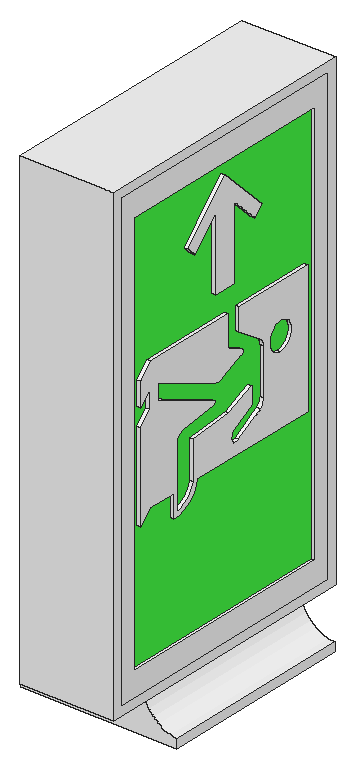
Revit family "RME-Wall", category Lighting Fixtures, host Face, Revit 2021
Family settings
  Host = Face
  Round Connector Dimension = Use Diameter
  Part Type = Normal
  OmniClass Number = 23.80.70.11.21
  OmniClass Title = Emergency Lighting
  Cut with Voids When Loaded = No
  Light Source = Yes
  Shared = No
  Room Calculation Point = No
Parameters (values of type "RMEUWE-SD")
  Watts = 3.6 W
  Wattage Comments = ""
  Wattage = 3.6 W
  built-in parameter 1150110 = 1 (stored number, unit not read)
  Voltage = if(Is 120VAC, 120 V, 277 V)  # 120 V
  URL = "https://www.currentlighting.com/compass"
  built-in parameter 1114217 = 1 (stored number, unit not read)
  Tilt Angle = -90.00°
  built-in parameter 1150109 = 1 (stored number, unit not read)
  built-in parameter 1150134 = 3
  built-in parameter 1150113 = 1 (stored number, unit not read)
  Single Face [instance] = no
  Product Page URL = ""
  Product Documentation Link = ""
  Photometric Web File = "generic"
  Panel Face Option [instance] = Face : AR
  built-in parameter 1150142 = (empty or 0)
  Model = "RME"  # constant formula
  Manufacturer = "Compass Products"  # constant formula
  built-in parameter 1150105 = 42.554 (stored number, unit not read)
  Lumens = 534.751 lm
  built-in parameter 1150115 = 1 (stored number, unit not read)
  Load Classification = Lighting
  built-in parameter 1150137 = (empty or 0)
  built-in parameter 1150139 = (empty or 0)
  Lens = Green Glass
  built-in parameter 1150112 = 1 (stored number, unit not read)
  built-in parameter 1150114 = 1 (stored number, unit not read)
  Lamp = "LED Lamp"  # constant formula
  Is 347VAC = not(Is 120VAC)  # no
  Is 120VAC = yes
  built-in parameter 1150132 = (empty or 0)
  built-in parameter 1150102 = (empty or 0)
  built-in parameter 1150107 = 3200 (stored number, unit not read)
  built-in parameter 1150138 = (empty or 0)
  built-in parameter 1150106 = 0.42554 (stored number, unit not read)
  Finish = White
  Emit from Rectangle Width = 11.000"  # constant formula
  Emit from Rectangle Length = 6.000"  # constant formula
  Emit Shape Visible in Rendering = no
  built-in parameter 1150104 = 13.8 (stored number, unit not read)
  Double Face [instance] = not(Single Face)  # yes
  Dimming Lamp Color Temperature Shift = <None>
  Description = "Running Man Exit Sign"  # constant formula
  Default Elevation = 48.000"
  Color Filter = 16777215
  built-in parameter 1114218 = 1 (stored number, unit not read)
  built-in parameter 1150133 = 10 (stored number, unit not read)
  Apparent Load = Watts  # 3.6 VA
Types (3): name | Watts | Wattage | built-in parameter 1150105 | Lumens | built-in parameter 1150106 | Apparent Load
  RMEUW | 2.6 W | 2.6 W | 30.734 (stored number, unit not read) | 386.209 lm | 0.30734 (stored number, unit not read) | 2.6 VA
  RMEUWE | 2.2 W | 2.2 W | 26.005 (stored number, unit not read) | 326.792 lm | 0.26005 (stored number, unit not read) | 2.2 VA
  RMEUWE-SD | 3.6 W | 3.6 W | 42.554 (stored number, unit not read) | 534.751 lm | 0.42554 (stored number, unit not read) | 3.6 VA
Reference planes (in)
  plane 1 "Center (Front/Back)": y = 0
  plane 2: z = 0
  plane 3 "Center (Left/Right)": x = 0
  plane 4: z = 14.125
  plane 5: z = 0.875
  plane 6: x = -1.3125
  plane 7: x = 1.3125
  plane 8: y = 3.875
  plane 9: y = -3.875
  plane 10: y = 2.75
  plane 11: y = -2.75
  plane 12: x = 2.185
  plane 13: x = -2.185
  plane 14: x = -1.1875
  plane 15: x = 1.1875
Forms (in)
  Extrusion 1, solid, material "White" <- "Finish"
    sketch origin (0, 0, 0) x (0, 1, 0) y (0, 0, 1)
      loop
        line (3.875, 14.125) -> (-3.875, 14.125) -> (-3.875, 0.875) -> (3.875, 0.875) -> (3.875, 14.125)
      loop
        line (3.625, 1.125) -> (3.625, 13.875) -> (-3.625, 13.875) -> (-3.625, 1.125) -> (3.625, 1.125)
    from -1.3125 to 1.3125
  Extrusion 2, solid, material "White" <- "Finish"
    sketch origin (0, 0, 0) x (1, 0, 0) y (0, 0, 1)
      loop
        line (-2.185, 0) -> (2.185, 0) -> (2.185, 0.25)
        arc (2.185, 0.25) -> (1.65648, 0.4337) -> (1.3125, 0.875) r 0.98798
        line (1.3125, 0.875) -> (-1.3125, 0.875)
        arc (-1.3125, 0.875) -> (-1.65648, 0.4337) -> (-2.185, 0.25) r 0.98798
        line (-2.185, 0.25) -> (-2.185, 0)
    from -2.75 to 2.75
  Extrusion 3, solid, material "Green Glass" <- "Lens"
    sketch origin (0, 0, 0) x (0, 1, 0) y (0, 0, 1)
      loop
        line (3.625, 13.875) -> (-3.625, 13.875) -> (-3.625, 1.125) -> (3.625, 1.125) -> (3.625, 13.875)
    from -1.1875 to 1.1875
  Extrusion 4, solid, material "White" <- "Finish", visible <- "Single Face"
    sketch origin (0, 0, 0) x (0, 1, 0) y (0, 0, 1)
      loop
        line (3.625, 13.875) -> (-3.625, 13.875) -> (-3.625, 1.125) -> (3.625, 1.125) -> (3.625, 13.875)
    from 1.1875 to 1.3125
Lines and regions (in)
  reference lines
    curve 1: arc (0, 2.15, 0.25774) -> (0, 1.30198, 0.45316) -> (0, 0.625, 1) r 1.93772
    curve 2: arc (0, -0.625, 1) -> (0, -1.30198, 0.45316) -> (0, -2.15, 0.25774) r 1.93772
Dimensions and locks (in)
  equal spacing: plane 7, plane 3 "Center (Left/Right)", plane 6
  equal spacing: plane 8, plane 1 "Center (Front/Back)", plane 9, locked at 3.875 each
  locked: plane 5 to plane 2 at 0.875
  equal spacing: plane 10, plane 1 "Center (Front/Back)", plane 11, locked at 2.75 each
  equal spacing: plane 13, plane 3 "Center (Left/Right)", plane 12, locked at 2.185 each
  plane 7 to plane 3 "Center (Left/Right)" = 1.3125"
  locked: plane 4 to plane 5 at 13.25
  plane 4 to plane 2 = 14.125"
  locked: plane 14 to plane 6 at 0.125
  locked: plane 7 to plane 15 at 0.125
  aligned and locked: plane 2 to host face
  aligned and locked: level to host face
  aligned and locked: plane 4 to Extrusion 1 sketch curve
  aligned and locked: Extrusion 1 sketch curve to plane 8
  aligned and locked: Extrusion 1 sketch curve to plane 5
  aligned and locked: plane 9 to Extrusion 1 sketch curve
  aligned and locked: plane 7 to Extrusion 1
  aligned and locked: Extrusion 1 to plane 6
  aligned and locked: Extrusion 2 to plane 10
  aligned and locked: Extrusion 2 to plane 11
  aligned and locked: Extrusion 3 sketch curve to Extrusion 1  (x4)
  aligned and locked: Extrusion 3 to plane 14
  aligned and locked: Extrusion 3 to plane 15
  aligned and locked: nested 1 to Extrusion 1
  aligned and locked: plane 1 "Center (Front/Back)" to nested 1
  aligned and locked: plane 1 "Center (Front/Back)" to nested 2
  aligned and locked: nested 2 to Extrusion 1
  aligned and locked: Extrusion 4 sketch curve to Extrusion 1  (x4)
  aligned and locked: plane 7 to Extrusion 4
  aligned and locked: Extrusion 4 to Extrusion 3
  aligned and locked: Extrusion 2 sketch curve to plane 12
  aligned and locked: plane 13 to Extrusion 2 sketch curve
  aligned and locked: plane 2 to Extrusion 2 sketch curve
  aligned and locked: plane 5 to Extrusion 2 sketch curve
Automatic sketch dimensions
  host sketch curve to host sketch curve = 96.000"  (x2)
  Extrusion 1 sketch curve to plane 4 = 0.250"
  plane 8 to Extrusion 1 sketch curve = 0.250"
  plane 5 to Extrusion 1 sketch curve = 0.250"
  Extrusion 1 sketch curve to plane 9 = 0.250"
  Extrusion 2 sketch curve to plane 6 = 0.000"
  Extrusion 2 sketch curve to plane 7 = 0.000"
  plane 13 to Extrusion 2 sketch curve = 0.04682"
  plane 12 to Extrusion 2 sketch curve = 0.04682"
  Extrusion 2 sketch curve to Extrusion 2 sketch curve = 0.250"  (x2)
Nested families (in)
  nested 1: "Face" at (-1.3125, 0, 7.5) x (0, 0, -1) z (1, 0, 0), type <- "Panel Face Option", type "AR"
    with Finish White
  nested 2: "Face" at (1.1875, 0, 7.5) x (0, 0, -1) z (1, 0, 0), type <- "Panel Face Option", visible <- "Double Face", Finish <- "Finish", type "AR"
    with Finish White
Connectors (in)
  electrical at (0, 0, 0), driven by "Voltage", driven by "Apparent Load", driven by "Load Classification"
    settings: on Extrusion 2, index 1, voltage 120 V, apparent load 3.6 VA, apparent load phase1 0 VA, apparent load phase2 0 VA, apparent load phase3 0 VA, power factor 1, load classification "Lighting", number of poles 1, system type 30, power factor state 1, is connector primary yes, connector utility no, sub classification motor no, connector description "Lighting Connector"
Definition of nested family "Face"
  Parameters
    zz YesNo 4 = yes
    zz YesNo 3 = yes
    zz YesNo 2 = no
    zz YesNo 1 = no
    Finish [instance] = none
    Default Elevation = 48.000"
  Reference planes (in)
    plane 1 "Center (Front/Back)": y = 0
    plane 2: z = 0
    plane 3 "Center (Left/Right)": x = 0
    plane 4: x = -6.625
    plane 5: x = 6.625
    plane 6: y = 3.875
    plane 7: y = -3.875
  Forms (in)
    Extrusion 1, solid
      sketch origin (0, 0, 0) x (1, 0, 0) y (0, 1, 0)
        loop
          line (-48, 48) -> (-48, -48) -> (48, -48) -> (48, 48) -> (-48, 48)
      from 0 to -12
    Extrusion 2, solid, material <- "Finish", visible <- "zz YesNo 1"
      sketch origin (0, 0, 0) x (1, 0, 0) y (0, 1, 0)
        loop
          line (-5.68701, 3.16612) -> (-5.68701, -3.16612) -> (5.68701, -3.16612) -> (5.68701, 3.16612) -> (-5.68701, 3.16612)
        loop
          line (-6.375, -3.625) -> (6.375, -3.625) -> (6.375, 3.625) -> (-6.375, 3.625) -> (-6.375, -3.625)
        loop
          line (-1.83928, 2.89902) -> (-1.83928, -0.95929)
          arc (-1.83928, -0.95929) -> (-2.30406, -1.25301) -> (-2.46688, -1.77816) r 0.79456
          line (-2.46688, -1.77816) -> (-1.83928, -1.77816) -> (-1.83928, -2.6125) -> (-2.1703, -2.94351) -> (0.3297, -2.94351) -> (0.64822, -2.62499) -> (1.13408, -2.62499) -> (0.81556, -2.94351) -> (1.48493, -2.94351) -> (1.83928, -2.58916) -> (1.83928, 0.11139) -> (1.07439, 0.11139)
          arc (1.07439, 0.11139) -> (0.97962, 0.13946) -> (0.91542, 0.21462) r 0.17402
          line (0.91542, 0.21462) -> (0.75496, 0.57502)
          arc (0.75496, 0.57502) -> (0.6769, 0.6257) -> (0.59887, 0.57498) r 0.08542
          line (0.59887, 0.57498) -> (0.31916, -0.05431)
          arc (0.31916, -0.05431) -> (0.28476, -0.21652) -> (0.31926, -0.37871) r 0.39905
          line (0.31926, -0.37871) -> (1.19724, -2.35068) -> (0.75585, -2.35068) -> (-0.11784, -0.38836)
          arc (-0.11784, -0.38836) -> (-0.18345, -0.35199) -> (-0.2365, -0.40504) r 0.06233
          line (-0.2365, -0.40504) -> (-0.38083, -1.43202)
          arc (-0.38083, -1.43202) -> (-0.47882, -1.61249) -> (-0.67116, -1.68441) r 0.29319
          line (-0.67116, -1.68441) -> (-2.34096, -1.68441)
          arc (-2.34096, -1.68441) -> (-2.18593, -1.30548) -> (-1.83928, -1.08765) r 0.66956
          line (-1.83928, -1.08765) -> (-0.78019, -1.08765) -> (-0.67094, 0.1611) -> (-0.32821, 0.93214) -> (-0.80274, 0.93214) -> (-1.17113, 0.31902)
          arc (-1.17113, 0.31902) -> (-1.41996, 0.25698) -> (-1.482, 0.50581) r 0.18133
          line (-1.482, 0.50581) -> (-1.03595, 1.24817)
          arc (-1.03595, 1.24817) -> (-0.94477, 1.33699) -> (-0.82166, 1.36941) r 0.25
          line (-0.82166, 1.36941) -> (0.48081, 1.36941)
          arc (0.48081, 1.36941) -> (0.61347, 1.33633) -> (0.71508, 1.24484) r 0.28258
          line (0.71508, 1.24484) -> (1.21428, 0.50474) -> (1.83928, 0.50474) -> (1.83928, 2.89902) -> (-1.83928, 2.89902)
        loop
          circle (0.47021, 1.96619) r 0.39413
      from 0 to 0.125
    Extrusion 3, solid, material <- "Finish", visible <- "zz YesNo 2"
      sketch origin (0, 0, 0) x (1, 0, 0) y (0, 1, 0)
        loop
          line (2.50696, 0.32726) -> (2.50696, -0.32726) -> (4.55637, -0.32726) -> (3.8321, -1.05153) -> (4.07353, -1.29295) -> (5.36648, 0) -> (4.07353, 1.29295) -> (3.8321, 1.05153) -> (4.55637, 0.32726) -> (2.50696, 0.32726)
      from 0 to 0.125
    Extrusion 4, solid, material <- "Finish", visible <- "zz YesNo 3"
      sketch origin (0, 0, 0) x (-1, 0, 0) y (0, -1, 0)
        loop
          line (2.50696, -0.32726) -> (4.55637, -0.32726) -> (3.8321, -1.05153) -> (4.07353, -1.29295) -> (5.36648, 0) -> (4.07353, 1.29295) -> (3.8321, 1.05153) -> (4.55637, 0.32726) -> (2.50696, 0.32726) -> (2.50696, -0.32726)
      from 0 to 0.125
    Extrusion 5, solid, material <- "Finish", visible <- "zz YesNo 4"
      sketch origin (0, 0, 0) x (-1, 0, 0) y (0, -1, 0)
        loop
          line (-5.68701, -3.16612) -> (5.68701, -3.16612) -> (5.68701, 3.16612) -> (-5.68701, 3.16612) -> (-5.68701, -3.16612)
        loop
          line (-6.375, 3.625) -> (-6.375, -3.625) -> (6.375, -3.625) -> (6.375, 3.625) -> (-6.375, 3.625)
        loop
          line (-1.83928, -2.89902) -> (1.83928, -2.89902) -> (1.83928, -0.50474) -> (1.21428, -0.50474) -> (0.71508, -1.24484)
          arc (0.71508, -1.24484) -> (0.61347, -1.33633) -> (0.48081, -1.36941) r 0.28258
          line (0.48081, -1.36941) -> (-0.82166, -1.36941)
          arc (-0.82166, -1.36941) -> (-0.94477, -1.33699) -> (-1.03595, -1.24817) r 0.25
          line (-1.03595, -1.24817) -> (-1.482, -0.50581)
          arc (-1.482, -0.50581) -> (-1.41996, -0.25698) -> (-1.17113, -0.31902) r 0.18133
          line (-1.17113, -0.31902) -> (-0.80274, -0.93214) -> (-0.32821, -0.93214) -> (-0.67094, -0.1611) -> (-0.78019, 1.08765) -> (-1.83928, 1.08765)
          arc (-1.83928, 1.08765) -> (-2.18593, 1.30548) -> (-2.34096, 1.68441) r 0.66956
          line (-2.34096, 1.68441) -> (-0.67116, 1.68441)
          arc (-0.67116, 1.68441) -> (-0.47882, 1.61249) -> (-0.38083, 1.43202) r 0.29319
          line (-0.38083, 1.43202) -> (-0.2365, 0.40504)
          arc (-0.2365, 0.40504) -> (-0.18345, 0.35199) -> (-0.11784, 0.38836) r 0.06233
          line (-0.11784, 0.38836) -> (0.75585, 2.35068) -> (1.19724, 2.35068) -> (0.31926, 0.37871)
          arc (0.31926, 0.37871) -> (0.28476, 0.21652) -> (0.31916, 0.05431) r 0.39905
          line (0.31916, 0.05431) -> (0.59887, -0.57498)
          arc (0.59887, -0.57498) -> (0.6769, -0.6257) -> (0.75496, -0.57502) r 0.08542
          line (0.75496, -0.57502) -> (0.91542, -0.21462)
          arc (0.91542, -0.21462) -> (0.97962, -0.13946) -> (1.07439, -0.11139) r 0.17402
          line (1.07439, -0.11139) -> (1.83928, -0.11139) -> (1.83928, 2.58916) -> (1.48493, 2.94351) -> (0.81556, 2.94351) -> (1.13408, 2.62499) -> (0.64822, 2.62499) -> (0.3297, 2.94351) -> (-2.1703, 2.94351) -> (-1.83928, 2.6125) -> (-1.83928, 1.77816) -> (-2.46688, 1.77816)
          arc (-2.46688, 1.77816) -> (-2.30406, 1.25301) -> (-1.83928, 0.95929) r 0.79456
          line (-1.83928, 0.95929) -> (-1.83928, -2.89902)
        loop
          circle (0.47021, -1.96619) r 0.39413
      from 0 to 0.125
  Dimensions and locks (in)
    equal spacing: plane 4, plane 3 "Center (Left/Right)", plane 5
    equal spacing: plane 6, plane 1 "Center (Front/Back)", plane 7
    locked: plane 6 to plane 1 "Center (Front/Back)" at 3.875
    aligned and locked: plane 2 to Extrusion 1
    aligned and locked: level to Extrusion 1
  Automatic sketch dimensions
    Extrusion 1 sketch curve to Extrusion 1 sketch curve = 96.000"  (x2)
    Extrusion 2 sketch curve to Extrusion 2 sketch curve = 0.000"  (x3)
    plane 4 to Extrusion 2 sketch curve = 0.250"
    Extrusion 2 sketch curve to Extrusion 2 sketch curve = 0.68799"
    Extrusion 2 sketch curve to plane 3 "Center (Left/Right)" = 2.46688"
    Extrusion 2 sketch curve to Extrusion 2 sketch curve = 0.12592"
    Extrusion 2 sketch curve to Extrusion 2 sketch curve = 0.29658"
    Extrusion 2 sketch curve to Extrusion 2 sketch curve = 0.50168"
    Extrusion 2 sketch curve to Extrusion 2 sketch curve = 0.33102"  (x2)
    Extrusion 2 sketch curve to Extrusion 2 sketch curve = 0.16586"
    Extrusion 2 sketch curve to plane 1 "Center (Front/Back)" = 0.50581"
    Extrusion 2 sketch curve to plane 3 "Center (Left/Right)" = 1.482"
    Extrusion 2 sketch curve to Extrusion 2 sketch curve = 0.15543"  (x2)
    Extrusion 2 sketch curve to Extrusion 2 sketch curve = 0.44605"
    Extrusion 2 sketch curve to Extrusion 2 sketch curve = 0.21429"
    Extrusion 2 sketch curve to Extrusion 2 sketch curve = 0.01892"
    Extrusion 2 sketch curve to plane 3 "Center (Left/Right)" = 0.78019"
    Extrusion 2 sketch curve to Extrusion 2 sketch curve = 0.10902"
    Extrusion 2 sketch curve to plane 1 "Center (Front/Back)" = 0.1611"
    Extrusion 2 sketch curve to Extrusion 2 sketch curve = 0.5002"
    Extrusion 2 sketch curve to Extrusion 2 sketch curve = 0.29033"
    Extrusion 2 sketch curve to plane 3 "Center (Left/Right)" = 0.32821"
    Extrusion 2 sketch curve to plane 3 "Center (Left/Right)" = 0.2365"
    Extrusion 2 sketch curve to Extrusion 2 sketch curve = 0.06172"
    Extrusion 2 sketch curve to Extrusion 2 sketch curve = 0.05694"
    plane 1 "Center (Front/Back)" to Extrusion 2 sketch curve = 0.05431"
    plane 3 "Center (Left/Right)" to Extrusion 2 sketch curve = 0.31916"
    plane 3 "Center (Left/Right)" to Extrusion 2 sketch curve = 0.31926"
    plane 3 "Center (Left/Right)" to Extrusion 2 sketch curve = 0.3297"
    plane 3 "Center (Left/Right)" to Extrusion 2 sketch curve = 0.47021"
    plane 3 "Center (Left/Right)" to Extrusion 2 sketch curve = 0.48081"
    Extrusion 2 sketch curve to Extrusion 2 sketch curve = 0.11807"
    Extrusion 2 sketch curve to Extrusion 2 sketch curve = 0.31853"  (x3)
    Extrusion 2 sketch curve to Extrusion 2 sketch curve = 0.07805"
    Extrusion 2 sketch curve to Extrusion 2 sketch curve = 0.36465"
    Extrusion 2 sketch curve to Extrusion 2 sketch curve = 0.23427"
    Extrusion 2 sketch curve to plane 1 "Center (Front/Back)" = 0.57502"
    Extrusion 2 sketch curve to Extrusion 2 sketch curve = 0.07803"
    Extrusion 2 sketch curve to Extrusion 2 sketch curve = 0.10762"
    Extrusion 2 sketch curve to Extrusion 2 sketch curve = 0.16734"
    Extrusion 2 sketch curve to plane 1 "Center (Front/Back)" = 0.21462"
    Extrusion 2 sketch curve to Extrusion 2 sketch curve = 0.16046"
    Extrusion 2 sketch curve to plane 1 "Center (Front/Back)" = 0.11139"
    Extrusion 2 sketch curve to Extrusion 2 sketch curve = 0.15897"
    Extrusion 2 sketch curve to Extrusion 2 sketch curve = 0.06315"
    Extrusion 2 sketch curve to Extrusion 2 sketch curve = 0.13989"
    Extrusion 2 sketch curve to Extrusion 2 sketch curve = 0.35085"
    Extrusion 2 sketch curve to Extrusion 2 sketch curve = 0.625"
    Extrusion 2 sketch curve to Extrusion 2 sketch curve = 1.36907"
    plane 5 to Extrusion 2 sketch curve = 0.93799"
    plane 5 to Extrusion 2 sketch curve = 0.250"
    plane 1 "Center (Front/Back)" to Extrusion 2 sketch curve = 0.2164"
    plane 1 "Center (Front/Back)" to Extrusion 2 sketch curve = 0.38836"
    Extrusion 2 sketch curve to Extrusion 2 sketch curve = 0.01668"
    plane 1 "Center (Front/Back)" to Extrusion 2 sketch curve = 0.95929"
    Extrusion 2 sketch curve to Extrusion 2 sketch curve = 0.12836"
    Extrusion 2 sketch curve to Extrusion 2 sketch curve = 0.30356"
    Extrusion 2 sketch curve to Extrusion 2 sketch curve = 0.0408"
    plane 7 to Extrusion 2 sketch curve = 1.52432"
    Extrusion 2 sketch curve to Extrusion 2 sketch curve = 0.23848"
    Extrusion 2 sketch curve to Extrusion 2 sketch curve = 0.83434"
    Extrusion 2 sketch curve to Extrusion 2 sketch curve = 0.2743"
    plane 7 to Extrusion 2 sketch curve = 0.70888"
    plane 7 to Extrusion 2 sketch curve = 0.250"
    Extrusion 2 sketch curve to plane 1 "Center (Front/Back)" = 0.31902"
    Extrusion 2 sketch curve to Extrusion 2 sketch curve = 0.21934"
    Extrusion 2 sketch curve to Extrusion 2 sketch curve = 0.03474"
    Extrusion 2 sketch curve to Extrusion 2 sketch curve = 0.61311"
    Extrusion 2 sketch curve to Extrusion 2 sketch curve = 0.51185"
    Extrusion 2 sketch curve to Extrusion 2 sketch curve = 0.18727"
    Extrusion 2 sketch curve to Extrusion 2 sketch curve = 0.15801"
    Extrusion 2 sketch curve to Extrusion 2 sketch curve = 0.59678"
    Extrusion 2 sketch curve to plane 6 = 0.97598"
    Extrusion 2 sketch curve to plane 6 = 0.70888"
    Extrusion 2 sketch curve to plane 6 = 0.250"
    plane 1 "Center (Front/Back)" to Extrusion 3 sketch curve = 0.000"
    plane 1 "Center (Front/Back)" to Extrusion 3 sketch curve = 0.32726"
    plane 3 "Center (Left/Right)" to Extrusion 3 sketch curve = 2.50696"
    Extrusion 3 sketch curve to plane 1 "Center (Front/Back)" = 1.05153"
    Extrusion 3 sketch curve to Extrusion 3 sketch curve = 1.32514"  (x2)
    plane 1 "Center (Front/Back)" to Extrusion 3 sketch curve = 1.05153"
    Extrusion 3 sketch curve to plane 1 "Center (Front/Back)" = 1.29295"
    Extrusion 3 sketch curve to Extrusion 3 sketch curve = 0.24142"
    Extrusion 3 sketch curve to plane 1 "Center (Front/Back)" = 0.32726"
    plane 1 "Center (Front/Back)" to Extrusion 4 sketch curve = 0.000"
    Extrusion 4 sketch curve to plane 1 "Center (Front/Back)" = 0.32726"
    plane 3 "Center (Left/Right)" to Extrusion 4 sketch curve = 2.50696"
    plane 1 "Center (Front/Back)" to Extrusion 4 sketch curve = 1.05153"
    Extrusion 4 sketch curve to Extrusion 4 sketch curve = 1.32514"  (x2)
    Extrusion 4 sketch curve to plane 1 "Center (Front/Back)" = 1.05153"
    plane 1 "Center (Front/Back)" to Extrusion 4 sketch curve = 1.29295"
    Extrusion 4 sketch curve to Extrusion 4 sketch curve = 0.24142"
    plane 1 "Center (Front/Back)" to Extrusion 4 sketch curve = 0.32726"
    Extrusion 5 sketch curve to Extrusion 5 sketch curve = 0.000"  (x3)
    Extrusion 5 sketch curve to plane 5 = 0.250"
    Extrusion 5 sketch curve to Extrusion 5 sketch curve = 0.68799"
    Extrusion 5 sketch curve to plane 3 "Center (Left/Right)" = 2.46688"
    Extrusion 5 sketch curve to Extrusion 5 sketch curve = 0.12592"
    Extrusion 5 sketch curve to Extrusion 5 sketch curve = 0.29658"
    Extrusion 5 sketch curve to Extrusion 5 sketch curve = 0.50168"
    Extrusion 5 sketch curve to Extrusion 5 sketch curve = 0.33102"  (x2)
    Extrusion 5 sketch curve to Extrusion 5 sketch curve = 0.16586"
    plane 1 "Center (Front/Back)" to Extrusion 5 sketch curve = 0.50581"
    Extrusion 5 sketch curve to plane 3 "Center (Left/Right)" = 1.482"
    Extrusion 5 sketch curve to Extrusion 5 sketch curve = 0.15543"  (x2)
    Extrusion 5 sketch curve to Extrusion 5 sketch curve = 0.44605"
    Extrusion 5 sketch curve to Extrusion 5 sketch curve = 0.21429"
    Extrusion 5 sketch curve to Extrusion 5 sketch curve = 0.01892"
    Extrusion 5 sketch curve to plane 3 "Center (Left/Right)" = 0.78019"
    Extrusion 5 sketch curve to Extrusion 5 sketch curve = 0.10902"
    plane 1 "Center (Front/Back)" to Extrusion 5 sketch curve = 0.1611"
    Extrusion 5 sketch curve to Extrusion 5 sketch curve = 0.5002"
    Extrusion 5 sketch curve to Extrusion 5 sketch curve = 0.29033"
    Extrusion 5 sketch curve to plane 3 "Center (Left/Right)" = 0.32821"
    Extrusion 5 sketch curve to plane 3 "Center (Left/Right)" = 0.2365"
    Extrusion 5 sketch curve to Extrusion 5 sketch curve = 0.06172"
    Extrusion 5 sketch curve to Extrusion 5 sketch curve = 0.05694"
    Extrusion 5 sketch curve to plane 1 "Center (Front/Back)" = 0.05431"
    plane 3 "Center (Left/Right)" to Extrusion 5 sketch curve = 0.31916"
    plane 3 "Center (Left/Right)" to Extrusion 5 sketch curve = 0.31926"
    plane 3 "Center (Left/Right)" to Extrusion 5 sketch curve = 0.3297"
    plane 3 "Center (Left/Right)" to Extrusion 5 sketch curve = 0.47021"
    plane 3 "Center (Left/Right)" to Extrusion 5 sketch curve = 0.48081"
    Extrusion 5 sketch curve to Extrusion 5 sketch curve = 0.11807"
    Extrusion 5 sketch curve to Extrusion 5 sketch curve = 0.31853"  (x3)
    Extrusion 5 sketch curve to Extrusion 5 sketch curve = 0.07805"
    Extrusion 5 sketch curve to Extrusion 5 sketch curve = 0.36455"
    Extrusion 5 sketch curve to Extrusion 5 sketch curve = 0.23427"
    plane 1 "Center (Front/Back)" to Extrusion 5 sketch curve = 0.57502"
    Extrusion 5 sketch curve to Extrusion 5 sketch curve = 0.07803"
    Extrusion 5 sketch curve to Extrusion 5 sketch curve = 0.10762"
    Extrusion 5 sketch curve to Extrusion 5 sketch curve = 0.16734"
    plane 1 "Center (Front/Back)" to Extrusion 5 sketch curve = 0.21462"
    Extrusion 5 sketch curve to Extrusion 5 sketch curve = 0.16046"
    plane 1 "Center (Front/Back)" to Extrusion 5 sketch curve = 0.11139"
    Extrusion 5 sketch curve to Extrusion 5 sketch curve = 0.15897"
    Extrusion 5 sketch curve to Extrusion 5 sketch curve = 0.06315"
    Extrusion 5 sketch curve to Extrusion 5 sketch curve = 0.13989"
    Extrusion 5 sketch curve to Extrusion 5 sketch curve = 0.35085"
    Extrusion 5 sketch curve to Extrusion 5 sketch curve = 0.625"
    Extrusion 5 sketch curve to Extrusion 5 sketch curve = 1.36907"
    Extrusion 5 sketch curve to plane 4 = 0.93799"
    Extrusion 5 sketch curve to plane 4 = 0.250"
    Extrusion 5 sketch curve to plane 1 "Center (Front/Back)" = 0.2164"
    Extrusion 5 sketch curve to plane 1 "Center (Front/Back)" = 0.38836"
    Extrusion 5 sketch curve to Extrusion 5 sketch curve = 0.01668"
    Extrusion 5 sketch curve to plane 1 "Center (Front/Back)" = 0.95929"
    Extrusion 5 sketch curve to Extrusion 5 sketch curve = 0.12836"
    Extrusion 5 sketch curve to Extrusion 5 sketch curve = 0.30356"
    Extrusion 5 sketch curve to Extrusion 5 sketch curve = 0.0408"
    Extrusion 5 sketch curve to plane 7 = 1.52432"
    Extrusion 5 sketch curve to Extrusion 5 sketch curve = 0.23848"
    Extrusion 5 sketch curve to Extrusion 5 sketch curve = 0.83434"
    Extrusion 5 sketch curve to Extrusion 5 sketch curve = 0.2743"
    Extrusion 5 sketch curve to plane 7 = 0.70888"
    Extrusion 5 sketch curve to plane 7 = 0.250"
    plane 1 "Center (Front/Back)" to Extrusion 5 sketch curve = 0.31902"
    Extrusion 5 sketch curve to Extrusion 5 sketch curve = 0.21934"
    Extrusion 5 sketch curve to Extrusion 5 sketch curve = 0.03474"
    Extrusion 5 sketch curve to Extrusion 5 sketch curve = 0.61311"
    Extrusion 5 sketch curve to Extrusion 5 sketch curve = 0.51185"
    Extrusion 5 sketch curve to Extrusion 5 sketch curve = 0.18727"
    Extrusion 5 sketch curve to Extrusion 5 sketch curve = 0.15801"
    Extrusion 5 sketch curve to Extrusion 5 sketch curve = 0.59678"
    plane 6 to Extrusion 5 sketch curve = 0.97598"
    plane 6 to Extrusion 5 sketch curve = 0.70888"
    plane 6 to Extrusion 5 sketch curve = 0.250"
    radius of Extrusion 2 sketch curve = 0.39413"
    radius of Extrusion 5 sketch curve = 0.39413"
